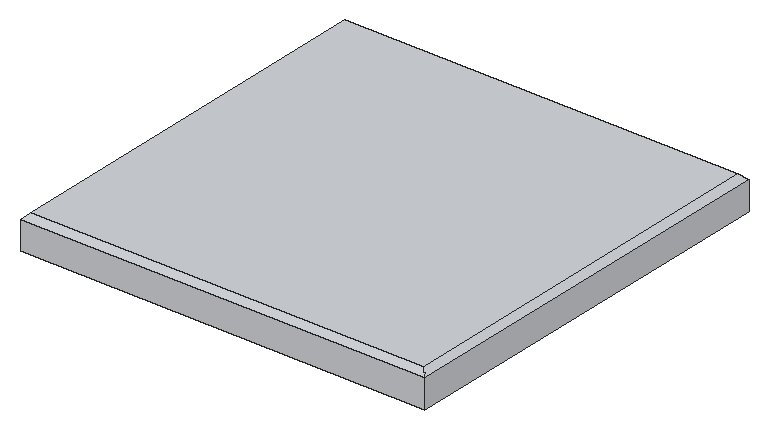
Revit family "J2 PET Felt Geo Panelsl", category Generic Models, host Face, Revit 2022
Family settings
  Host = Face
  Can host rebar = No
  Round Connector Dimension = Use Diameter
  Part Type = Normal
  Cut with Voids When Loaded = No
  Maintain Annotation Orientation = No
  Shared = No
  Room Calculation Point = No
Parameters (values of type "Geo Panel 1.5"x18"x18"")
  Width = 1' - 6"
  URL = "https://www.j2systems.net/"
  Thickness = 0' - 1 1/2"
  Symbol Name = ""
  Style Number = ""
  Release Date = "2020"  # constant formula
  Product Line = "Geo Panel"  # constant formula
  Model = ""
  Manufacturer = "J2 Systems"  # constant formula
  Length = 1' - 6"
  Felt color = none
  Default Elevation = 0' - 0"
  Beveled Edges = yes
Types (13): name | Width | Thickness | Length
  (no name) | 1' - 6" | 0' - 1 1/2" | 1' - 6"
  Geo Panel 1.5"x9"x9" | 0' - 9" | 0' - 1 1/2" | 0' - 9"
  Geo Panel 1.5"x18"x18" | 1' - 6" | 0' - 1 1/2" | 1' - 6"
  Geo Panel 1.5"x36"x36" | 3' - 0" | 0' - 1 1/2" | 3' - 0"
  Geo Panel 1.5"x36"x18" | 1' - 6" | 0' - 1 1/2" | 3' - 0"
  Geo Panel 1.5"x36"x9" | 0' - 9" | 0' - 1 1/2" | 3' - 0"
  Geo Panel 1.5"x18"x9" | 0' - 9" | 0' - 1 1/2" | 1' - 6"
  Geo Panel 2"x9"x9" | 0' - 9" | 0' - 2" | 0' - 9"
  Geo Panel 2"x18"x18" | 1' - 6" | 0' - 2" | 1' - 6"
  Geo Panel 2"x36"x36" | 3' - 0" | 0' - 2" | 3' - 0"
  Geo Panel 2"x36"x18" | 1' - 6" | 0' - 2" | 3' - 0"
  Geo Panel 2"x36"x9" | 0' - 9" | 0' - 2" | 3' - 0"
  Geo Panel 2"x18"x9" | 0' - 9" | 0' - 2" | 1' - 6"
Reference planes (in)
  plane 1 "Center (Front/Back)": y = 0
  plane 2: z = 0
  plane 3 "Center (Left/Right)": x = 0
  plane 4: z = 1.5
  plane 5: y = 18
  plane 6: x = 18
Forms (in)
  Extrusion 1, solid, material <- "Felt color"
    sketch origin (0, 0, 0) x (1, 0, 0) y (0, 1, 0)
      loop
        line (0, 0) -> (18, 0) -> (18, 18) -> (0, 18) -> (0, 0)
    from 0 to 1.5
  Sweep 2, void
    path origin (0, 0, 1.5) x (1, 0, 0) y (0, 1, 0)
      loop
        line (0, 0) -> (18, 0) -> (18, 18) -> (0, 18) -> (0, 0)
    profile origin (0, 9, 1.5) x (-1, 0, 0) y (0, 0, 1)
      loop
        line (0, 0) -> (-0.25, 0) -> (0, -0.25) -> (0, 0)
Cuts and joins
  Sweep 2 cuts Extrusion 1
Dimensions and locks (in)
  "Thickness": plane 4 to plane 2
  "Length": plane 5 to plane 1 "Center (Front/Back)"
  "Width": plane 3 "Center (Left/Right)" to plane 6
  aligned and locked: host face to plane 2
  aligned and locked: level to host face
  aligned and locked: plane 4 to Extrusion 1
  aligned and locked: Extrusion 1 to plane 3 "Center (Left/Right)"
  aligned and locked: plane 1 "Center (Front/Back)" to Extrusion 1
  aligned and locked: plane 5 to Extrusion 1
  aligned and locked: Extrusion 1 to plane 6
  aligned and locked: plane 3 "Center (Left/Right)" to Sweep 2 sketch curve
  aligned and locked: Sweep 2 sketch curve to plane 5
  aligned and locked: plane 6 to Sweep 2 sketch curve
  aligned and locked: Sweep 2 sketch curve to plane 1 "Center (Front/Back)"
Automatic sketch dimensions
  host sketch curve to host sketch curve = 10' - 1.621"
  host sketch curve to host sketch curve = 13' - 2"
  Extrusion 1 sketch curve to plane 3 "Center (Left/Right)" = 0' - 0"
  plane 1 "Center (Front/Back)" to Extrusion 1 sketch curve = 0' - 0"
  Extrusion 1 sketch curve to Extrusion 1 sketch curve = 1' - 6"  (x2)
  Sweep 2 sketch curve to profile plane = 0' - 0"  (x2)
  Sweep 2 sketch curve to Sweep 2 sketch curve = 0' - 0 1/4"
  profile plane to Sweep 2 sketch curve = 0' - 0 1/4"
